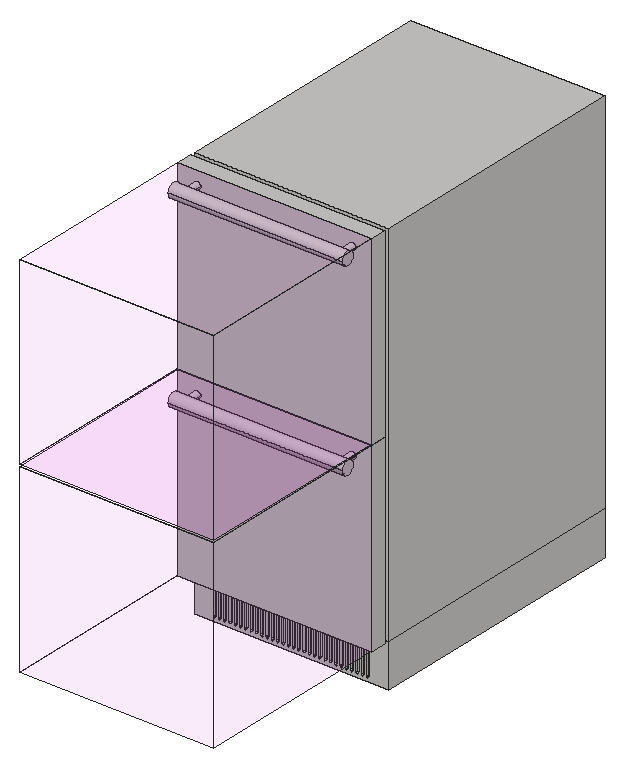
Revit family "QF_Summit_ADRD15_2_Drawer_All_Refrigerator", category Specialty Equipment, Revit 2020
Family settings
  Round Connector Dimension = Use Diameter
  Part Type = Normal
  Work Plane-Based = No
  Always vertical = Yes
  Cut with Voids When Loaded = No
  Shared = No
  Room Calculation Point = No
Parameters
  Weight in Pounds = 78
  Watts = Volts * FL Amps  # 115 W
  Volts = 115 V
  URL Cutsheet = ""
  Specification by User = ""
  Specification by Manufacturer = ""
  Show Clearance [instance] = yes
  Show 4" Legs [instance] = no
  Serial Number = ""
  Seismic Rating = ""
  SMACNA No = ""
  Revision Code = ""
  Refrigerant Volume = 0.00 kip
  Refrigerant Type = "R600a"
  Phase = 1
  Number of Poles = 1
  NAFEM Spec ID Number = ""
  Model = "ADRD15"
  Min Ckt Ampacity = 0 A
  Max Overcurrent Protection = 0 A
  Masterspec = ""
  Manufacturer = "Summit"
  Length = 15"
  Item Number = ""
  Installed By = ""
  Identify Quantity as Lot = yes
  Height [instance] = Body Height + Base Height  # 32"
  HP = ""
  Furnished By = ""
  Foodservice Equipment Identifier = yes
  FL Amps = 1 A
  Electrical Remarks = ""
  Electric Connection Type = ""
  Elec Conn RI Height = 0"
  Elec Conn Connection Height = 0"
  Description = "2 Drawer All Refrigerator"
  Depth = 22 1/2"
  Default Elevation = 0"
  Cycle = 60 Hz
  Conn Plug = ""
  Conn Conduit = yes
  CSI MasterFormat = ""
  Body Height [instance] = 32"
  Base Height [instance] = if([Show 4" Legs], 4", 0")  # 0"
  BTUH = 0.0 Btu/h
  Apparent Power = 0 VA
Reference planes (in)
  plane 1 "BACK": y = 0
  plane 2: z = 0
  plane 3 "LEFT": x = 0
  plane 4 "RIGHT": x = 15
  plane 5 "FRONT": y = -20.875
  plane 6 "TOP": z = 32
  plane 7 "Center Y": x = 7.5
  plane 8 "Center X": y = -10.4375
  plane 9: z = 0
Dimensions and locks (in)
  equal spacing: plane 3 "LEFT", plane 7 "Center Y", plane 4 "RIGHT"
  "Length": plane 3 "LEFT" to plane 4 "RIGHT"
  equal spacing: plane 5 "FRONT", plane 8 "Center X", plane 1 "BACK"
  plane 5 "FRONT" to plane 1 "BACK" = 20 7/8"
  plane 6 "TOP" to level = 32"
  "Base Height": plane 9 to level
  "Body Height": plane 6 "TOP" to plane 9
  plane 1 "BACK" to nested 1 = 22 1/2"
  aligned and locked: level to plane 2
  aligned and locked: nested 1 to plane 9
  aligned and locked: plane 6 "TOP" to nested 1
Nested families (in)
  nested 1: "ADRD15" at (0, 0, 0), Show Clearance <- "Show Clearance", type "ADRD15"
    with Show Clearance yes
  nested 2: "4 INCHES LEGS" at (1.25, -4, 0), Show 4" Legs <- "Show 4" Legs", type "4 INCHES LEGS"
    with Type Mark "", Status "", Specification by User "", Show 4" Legs no, Revision Code "", Item Number "", Installed By "", Identify Quantity as Lot yes, Furnished By "", Foodservice Equipment Identifier yes
  nested 3: "4 INCHES LEGS" at (13.75, -4, 0) x (-1, 0, 0) z (0, 0, 1), Show 4" Legs <- "Show 4" Legs", type "4 INCHES LEGS"
    with Type Mark "", Status "", Specification by User "", Show 4" Legs no, Revision Code "", Item Number "", Installed By "", Identify Quantity as Lot yes, Furnished By "", Foodservice Equipment Identifier yes
  nested 4: "4 INCHES LEGS" at (1.25, -16.875, 0), Show 4" Legs <- "Show 4" Legs", type "4 INCHES LEGS"
    with Type Mark "", Status "", Specification by User "", Show 4" Legs no, Revision Code "", Item Number "", Installed By "", Identify Quantity as Lot yes, Furnished By "", Foodservice Equipment Identifier yes
  nested 5: "4 INCHES LEGS" at (13.75, -16.875, 0) x (-1, 0, 0) z (0, 0, 1), Show 4" Legs <- "Show 4" Legs", type "4 INCHES LEGS"
    with Type Mark "", Status "", Specification by User "", Show 4" Legs no, Revision Code "", Item Number "", Installed By "", Identify Quantity as Lot yes, Furnished By "", Foodservice Equipment Identifier yes
Connectors (in)
  electrical at (12.48815, 0.03125, 4.75), driven by "Volts", driven by "Watts"
    settings: on nested 1, index 1, voltage 115 V, apparent load 115 VA, apparent load phase1 0 VA, apparent load phase2 0 VA, apparent load phase3 0 VA, power factor 1, load classification "Other", number of poles 1, system type 30, power factor state 1, is connector primary yes, connector utility no, sub classification motor no, connector description "ELECTRICAL CONNECTION"
Definition of nested family "ADRD15"
  Parameters (values of type "ADRD15")
    Weight in Pounds = 0
    URL Cutsheet = ""
    Specification by User = ""
    Specification by Manufacturer = ""
    Show Clearance [instance] = yes
    Serial Number = ""
    Seismic Rating = ""
    SMACNA No = ""
    Revision Code = ""
    NAFEM Spec ID Number = ""
    Masterspec = ""
    Length = 15"
    Item Number = ""
    Installed By = ""
    Identify Quantity as Lot = yes
    Height = 32"
    Furnished By = ""
    Foodservice Equipment Identifier = yes
    Depth = 20 7/8"
    Default Elevation = 0"
    CSI MasterFormat = ""
  Reference planes (in)
    plane 1 "BACK": y = 0
    plane 2: z = 0
    plane 3 "LEFT": x = 0
    plane 4 "RIGHT": x = 15
    plane 5 "FRONT": y = -20.875
    plane 6 "TOP": z = 32
    plane 7 "Center Y": x = 7.5
    plane 8 "Center X": y = -10.4375
    plane 9: y = -22.5
    plane 10: y = -21.25
    plane 11: y = -24.375
    plane 12: z = 3.375
    plane 13: y = -37.75
  Forms (in)
    Extrusion 1, solid
      sketch origin (0, 0, 0) x (1, 0, 0) y (0, 1, 0)
        loop
          line (0, 0) -> (0, -20.875) -> (15, -20.875) -> (15, 0) -> (0, 0)
      from 0 to 3.375
    Extrusion 2, solid
      sketch origin (-5.1413, -180, 3.375) x (-1, 0, 0) y (0, -1, 0)
        loop
          line (-5.1413, -180) -> (-5.1413, -159.125) -> (-20.1413, -159.125) -> (-20.1413, -180) -> (-5.1413, -180)
      from 0 to 28.625
    Extrusion 3, solid
      sketch origin (-5.1413, -180, 32) x (-1, 0, 0) y (0, -1, 0)
        loop
          line (-5.1413, -157.5) -> (-20.1413, -157.5) -> (-20.1413, -158.75) -> (-5.1413, -158.75) -> (-5.1413, -157.5)
      from 0 to -14.25
    Extrusion 4, solid
      sketch origin (-5.1413, -180, 3.375) x (0, 1, 0) y (1, 0, 0)
        loop
          line (157.5, 5.1413) -> (158.75, 5.1413) -> (158.75, 20.1413) -> (157.5, 20.1413) -> (157.5, 5.1413)
      from 0 to -14.25
    Extrusion 5, void
      sketch origin (15, -20.875, 0) x (1, 0, 0) y (0, 0, -1)
        loop
          line (-13.55625, -0.4375) -> (-13.55625, -2.9375)
          arc (-13.55625, -2.9375) -> (-13.43125, -3.0625) -> (-13.30625, -2.9375) r 0.125
          line (-13.30625, -2.9375) -> (-13.30625, -0.4375)
          arc (-13.30625, -0.4375) -> (-13.43125, -0.3125) -> (-13.55625, -0.4375) r 0.125
      from 0 to 0.11339
    Extrusion 6, void
      sketch origin (26.8625, -20.875, 0) x (1, 0, 0) y (0, 0, -1)
        loop
          line (-13.55625, -0.4375) -> (-13.55625, -2.9375)
          arc (-13.55625, -2.9375) -> (-13.43125, -3.0625) -> (-13.30625, -2.9375) r 0.125
          line (-13.30625, -2.9375) -> (-13.30625, -0.4375)
          arc (-13.30625, -0.4375) -> (-13.43125, -0.3125) -> (-13.55625, -0.4375) r 0.125
      from 0 to 0.11339
    Extrusion 7, void
      sketch origin (15.40905, -20.875, 0) x (1, 0, 0) y (0, 0, -1)
        loop
          line (-13.55625, -0.4375) -> (-13.55625, -2.9375)
          arc (-13.55625, -2.9375) -> (-13.43125, -3.0625) -> (-13.30625, -2.9375) r 0.125
          line (-13.30625, -2.9375) -> (-13.30625, -0.4375)
          arc (-13.30625, -0.4375) -> (-13.43125, -0.3125) -> (-13.55625, -0.4375) r 0.125
      from 0 to 0.11339
    Extrusion 8, void
      sketch origin (15.8181, -20.875, 0) x (1, 0, 0) y (0, 0, -1)
        loop
          line (-13.55625, -0.4375) -> (-13.55625, -2.9375)
          arc (-13.55625, -2.9375) -> (-13.43125, -3.0625) -> (-13.30625, -2.9375) r 0.125
          line (-13.30625, -2.9375) -> (-13.30625, -0.4375)
          arc (-13.30625, -0.4375) -> (-13.43125, -0.3125) -> (-13.55625, -0.4375) r 0.125
      from 0 to 0.11339
    Extrusion 9, void
      sketch origin (16.22715, -20.875, 0) x (1, 0, 0) y (0, 0, -1)
        loop
          line (-13.55625, -0.4375) -> (-13.55625, -2.9375)
          arc (-13.55625, -2.9375) -> (-13.43125, -3.0625) -> (-13.30625, -2.9375) r 0.125
          line (-13.30625, -2.9375) -> (-13.30625, -0.4375)
          arc (-13.30625, -0.4375) -> (-13.43125, -0.3125) -> (-13.55625, -0.4375) r 0.125
      from 0 to 0.11339
    Extrusion 10, void
      sketch origin (16.63621, -20.875, 0) x (1, 0, 0) y (0, 0, -1)
        loop
          line (-13.55625, -0.4375) -> (-13.55625, -2.9375)
          arc (-13.55625, -2.9375) -> (-13.43125, -3.0625) -> (-13.30625, -2.9375) r 0.125
          line (-13.30625, -2.9375) -> (-13.30625, -0.4375)
          arc (-13.30625, -0.4375) -> (-13.43125, -0.3125) -> (-13.55625, -0.4375) r 0.125
      from 0 to 0.11339
    Extrusion 11, void
      sketch origin (17.04526, -20.875, 0) x (1, 0, 0) y (0, 0, -1)
        loop
          line (-13.55625, -0.4375) -> (-13.55625, -2.9375)
          arc (-13.55625, -2.9375) -> (-13.43125, -3.0625) -> (-13.30625, -2.9375) r 0.125
          line (-13.30625, -2.9375) -> (-13.30625, -0.4375)
          arc (-13.30625, -0.4375) -> (-13.43125, -0.3125) -> (-13.55625, -0.4375) r 0.125
      from 0 to 0.11339
    Extrusion 12, void
      sketch origin (17.45431, -20.875, 0) x (1, 0, 0) y (0, 0, -1)
        loop
          line (-13.55625, -0.4375) -> (-13.55625, -2.9375)
          arc (-13.55625, -2.9375) -> (-13.43125, -3.0625) -> (-13.30625, -2.9375) r 0.125
          line (-13.30625, -2.9375) -> (-13.30625, -0.4375)
          arc (-13.30625, -0.4375) -> (-13.43125, -0.3125) -> (-13.55625, -0.4375) r 0.125
      from 0 to 0.11339
    Extrusion 13, void
      sketch origin (17.86336, -20.875, 0) x (1, 0, 0) y (0, 0, -1)
        loop
          line (-13.55625, -0.4375) -> (-13.55625, -2.9375)
          arc (-13.55625, -2.9375) -> (-13.43125, -3.0625) -> (-13.30625, -2.9375) r 0.125
          line (-13.30625, -2.9375) -> (-13.30625, -0.4375)
          arc (-13.30625, -0.4375) -> (-13.43125, -0.3125) -> (-13.55625, -0.4375) r 0.125
      from 0 to 0.11339
    Extrusion 14, void
      sketch origin (18.27241, -20.875, 0) x (1, 0, 0) y (0, 0, -1)
        loop
          line (-13.55625, -0.4375) -> (-13.55625, -2.9375)
          arc (-13.55625, -2.9375) -> (-13.43125, -3.0625) -> (-13.30625, -2.9375) r 0.125
          line (-13.30625, -2.9375) -> (-13.30625, -0.4375)
          arc (-13.30625, -0.4375) -> (-13.43125, -0.3125) -> (-13.55625, -0.4375) r 0.125
      from 0 to 0.11339
    Extrusion 15, void
      sketch origin (18.68146, -20.875, 0) x (1, 0, 0) y (0, 0, -1)
        loop
          line (-13.55625, -0.4375) -> (-13.55625, -2.9375)
          arc (-13.55625, -2.9375) -> (-13.43125, -3.0625) -> (-13.30625, -2.9375) r 0.125
          line (-13.30625, -2.9375) -> (-13.30625, -0.4375)
          arc (-13.30625, -0.4375) -> (-13.43125, -0.3125) -> (-13.55625, -0.4375) r 0.125
      from 0 to 0.11339
    Extrusion 16, void
      sketch origin (19.09052, -20.875, 0) x (1, 0, 0) y (0, 0, -1)
        loop
          line (-13.55625, -0.4375) -> (-13.55625, -2.9375)
          arc (-13.55625, -2.9375) -> (-13.43125, -3.0625) -> (-13.30625, -2.9375) r 0.125
          line (-13.30625, -2.9375) -> (-13.30625, -0.4375)
          arc (-13.30625, -0.4375) -> (-13.43125, -0.3125) -> (-13.55625, -0.4375) r 0.125
      from 0 to 0.11339
    Extrusion 17, void
      sketch origin (19.49957, -20.875, 0) x (1, 0, 0) y (0, 0, -1)
        loop
          line (-13.55625, -0.4375) -> (-13.55625, -2.9375)
          arc (-13.55625, -2.9375) -> (-13.43125, -3.0625) -> (-13.30625, -2.9375) r 0.125
          line (-13.30625, -2.9375) -> (-13.30625, -0.4375)
          arc (-13.30625, -0.4375) -> (-13.43125, -0.3125) -> (-13.55625, -0.4375) r 0.125
      from 0 to 0.11339
    Extrusion 18, void
      sketch origin (19.90862, -20.875, 0) x (1, 0, 0) y (0, 0, -1)
        loop
          line (-13.55625, -0.4375) -> (-13.55625, -2.9375)
          arc (-13.55625, -2.9375) -> (-13.43125, -3.0625) -> (-13.30625, -2.9375) r 0.125
          line (-13.30625, -2.9375) -> (-13.30625, -0.4375)
          arc (-13.30625, -0.4375) -> (-13.43125, -0.3125) -> (-13.55625, -0.4375) r 0.125
      from 0 to 0.11339
    Extrusion 19, void
      sketch origin (20.31767, -20.875, 0) x (1, 0, 0) y (0, 0, -1)
        loop
          line (-13.55625, -0.4375) -> (-13.55625, -2.9375)
          arc (-13.55625, -2.9375) -> (-13.43125, -3.0625) -> (-13.30625, -2.9375) r 0.125
          line (-13.30625, -2.9375) -> (-13.30625, -0.4375)
          arc (-13.30625, -0.4375) -> (-13.43125, -0.3125) -> (-13.55625, -0.4375) r 0.125
      from 0 to 0.11339
    Extrusion 20, void
      sketch origin (20.72672, -20.875, 0) x (1, 0, 0) y (0, 0, -1)
        loop
          line (-13.55625, -0.4375) -> (-13.55625, -2.9375)
          arc (-13.55625, -2.9375) -> (-13.43125, -3.0625) -> (-13.30625, -2.9375) r 0.125
          line (-13.30625, -2.9375) -> (-13.30625, -0.4375)
          arc (-13.30625, -0.4375) -> (-13.43125, -0.3125) -> (-13.55625, -0.4375) r 0.125
      from 0 to 0.11339
    Extrusion 21, void
      sketch origin (21.13577, -20.875, 0) x (1, 0, 0) y (0, 0, -1)
        loop
          line (-13.55625, -0.4375) -> (-13.55625, -2.9375)
          arc (-13.55625, -2.9375) -> (-13.43125, -3.0625) -> (-13.30625, -2.9375) r 0.125
          line (-13.30625, -2.9375) -> (-13.30625, -0.4375)
          arc (-13.30625, -0.4375) -> (-13.43125, -0.3125) -> (-13.55625, -0.4375) r 0.125
      from 0 to 0.11339
    Extrusion 22, void
      sketch origin (21.54483, -20.875, 0) x (1, 0, 0) y (0, 0, -1)
        loop
          line (-13.55625, -0.4375) -> (-13.55625, -2.9375)
          arc (-13.55625, -2.9375) -> (-13.43125, -3.0625) -> (-13.30625, -2.9375) r 0.125
          line (-13.30625, -2.9375) -> (-13.30625, -0.4375)
          arc (-13.30625, -0.4375) -> (-13.43125, -0.3125) -> (-13.55625, -0.4375) r 0.125
      from 0 to 0.11339
    Extrusion 23, void
      sketch origin (21.95388, -20.875, 0) x (1, 0, 0) y (0, 0, -1)
        loop
          line (-13.55625, -0.4375) -> (-13.55625, -2.9375)
          arc (-13.55625, -2.9375) -> (-13.43125, -3.0625) -> (-13.30625, -2.9375) r 0.125
          line (-13.30625, -2.9375) -> (-13.30625, -0.4375)
          arc (-13.30625, -0.4375) -> (-13.43125, -0.3125) -> (-13.55625, -0.4375) r 0.125
      from 0 to 0.11339
    Extrusion 24, void
      sketch origin (22.36293, -20.875, 0) x (1, 0, 0) y (0, 0, -1)
        loop
          line (-13.55625, -0.4375) -> (-13.55625, -2.9375)
          arc (-13.55625, -2.9375) -> (-13.43125, -3.0625) -> (-13.30625, -2.9375) r 0.125
          line (-13.30625, -2.9375) -> (-13.30625, -0.4375)
          arc (-13.30625, -0.4375) -> (-13.43125, -0.3125) -> (-13.55625, -0.4375) r 0.125
      from 0 to 0.11339
    Extrusion 25, void
      sketch origin (22.77198, -20.875, 0) x (1, 0, 0) y (0, 0, -1)
        loop
          line (-13.55625, -0.4375) -> (-13.55625, -2.9375)
          arc (-13.55625, -2.9375) -> (-13.43125, -3.0625) -> (-13.30625, -2.9375) r 0.125
          line (-13.30625, -2.9375) -> (-13.30625, -0.4375)
          arc (-13.30625, -0.4375) -> (-13.43125, -0.3125) -> (-13.55625, -0.4375) r 0.125
      from 0 to 0.11339
    Extrusion 26, void
      sketch origin (23.18103, -20.875, 0) x (1, 0, 0) y (0, 0, -1)
        loop
          line (-13.55625, -0.4375) -> (-13.55625, -2.9375)
          arc (-13.55625, -2.9375) -> (-13.43125, -3.0625) -> (-13.30625, -2.9375) r 0.125
          line (-13.30625, -2.9375) -> (-13.30625, -0.4375)
          arc (-13.30625, -0.4375) -> (-13.43125, -0.3125) -> (-13.55625, -0.4375) r 0.125
      from 0 to 0.11339
    Extrusion 27, void
      sketch origin (23.59008, -20.875, 0) x (1, 0, 0) y (0, 0, -1)
        loop
          line (-13.55625, -0.4375) -> (-13.55625, -2.9375)
          arc (-13.55625, -2.9375) -> (-13.43125, -3.0625) -> (-13.30625, -2.9375) r 0.125
          line (-13.30625, -2.9375) -> (-13.30625, -0.4375)
          arc (-13.30625, -0.4375) -> (-13.43125, -0.3125) -> (-13.55625, -0.4375) r 0.125
      from 0 to 0.11339
    Extrusion 28, void
      sketch origin (23.99914, -20.875, 0) x (1, 0, 0) y (0, 0, -1)
        loop
          line (-13.55625, -0.4375) -> (-13.55625, -2.9375)
          arc (-13.55625, -2.9375) -> (-13.43125, -3.0625) -> (-13.30625, -2.9375) r 0.125
          line (-13.30625, -2.9375) -> (-13.30625, -0.4375)
          arc (-13.30625, -0.4375) -> (-13.43125, -0.3125) -> (-13.55625, -0.4375) r 0.125
      from 0 to 0.11339
    Extrusion 29, void
      sketch origin (24.40819, -20.875, 0) x (1, 0, 0) y (0, 0, -1)
        loop
          line (-13.55625, -0.4375) -> (-13.55625, -2.9375)
          arc (-13.55625, -2.9375) -> (-13.43125, -3.0625) -> (-13.30625, -2.9375) r 0.125
          line (-13.30625, -2.9375) -> (-13.30625, -0.4375)
          arc (-13.30625, -0.4375) -> (-13.43125, -0.3125) -> (-13.55625, -0.4375) r 0.125
      from 0 to 0.11339
    Extrusion 30, void
      sketch origin (24.81724, -20.875, 0) x (1, 0, 0) y (0, 0, -1)
        loop
          line (-13.55625, -0.4375) -> (-13.55625, -2.9375)
          arc (-13.55625, -2.9375) -> (-13.43125, -3.0625) -> (-13.30625, -2.9375) r 0.125
          line (-13.30625, -2.9375) -> (-13.30625, -0.4375)
          arc (-13.30625, -0.4375) -> (-13.43125, -0.3125) -> (-13.55625, -0.4375) r 0.125
      from 0 to 0.11339
    Extrusion 31, void
      sketch origin (25.22629, -20.875, 0) x (1, 0, 0) y (0, 0, -1)
        loop
          line (-13.55625, -0.4375) -> (-13.55625, -2.9375)
          arc (-13.55625, -2.9375) -> (-13.43125, -3.0625) -> (-13.30625, -2.9375) r 0.125
          line (-13.30625, -2.9375) -> (-13.30625, -0.4375)
          arc (-13.30625, -0.4375) -> (-13.43125, -0.3125) -> (-13.55625, -0.4375) r 0.125
      from 0 to 0.11339
    Extrusion 32, void
      sketch origin (25.63534, -20.875, 0) x (1, 0, 0) y (0, 0, -1)
        loop
          line (-13.55625, -0.4375) -> (-13.55625, -2.9375)
          arc (-13.55625, -2.9375) -> (-13.43125, -3.0625) -> (-13.30625, -2.9375) r 0.125
          line (-13.30625, -2.9375) -> (-13.30625, -0.4375)
          arc (-13.30625, -0.4375) -> (-13.43125, -0.3125) -> (-13.55625, -0.4375) r 0.125
      from 0 to 0.11339
    Extrusion 33, void
      sketch origin (26.04439, -20.875, 0) x (1, 0, 0) y (0, 0, -1)
        loop
          line (-13.55625, -0.4375) -> (-13.55625, -2.9375)
          arc (-13.55625, -2.9375) -> (-13.43125, -3.0625) -> (-13.30625, -2.9375) r 0.125
          line (-13.30625, -2.9375) -> (-13.30625, -0.4375)
          arc (-13.30625, -0.4375) -> (-13.43125, -0.3125) -> (-13.55625, -0.4375) r 0.125
      from 0 to 0.11339
    Extrusion 34, void
      sketch origin (26.45345, -20.875, 0) x (1, 0, 0) y (0, 0, -1)
        loop
          line (-13.55625, -0.4375) -> (-13.55625, -2.9375)
          arc (-13.55625, -2.9375) -> (-13.43125, -3.0625) -> (-13.30625, -2.9375) r 0.125
          line (-13.30625, -2.9375) -> (-13.30625, -0.4375)
          arc (-13.30625, -0.4375) -> (-13.43125, -0.3125) -> (-13.55625, -0.4375) r 0.125
      from 0 to 0.11339
    Extrusion 35, solid
      sketch origin (0, -22.5, 32) x (1, 0, 0) y (0, 0, 1)
        loop
          circle (1.5, -1.04449) r 0.25
        loop
          circle (13.5, -1.04449) r 0.25
        loop
          circle (1.5, -15.54449) r 0.25
        loop
          circle (13.5, -15.54449) r 0.25
      from 0 to 1.40813
    Extrusion 36, solid
      sketch origin (0, 0, 0) x (0, 1, 0) y (0, 0, 1)
        loop
          circle (-23.875, 30.98244) r 0.5
      from 0.75 to 14.25
    Extrusion 37, solid
      sketch origin (0, 0, -14.5) x (0, 1, 0) y (0, 0, 1)
        loop
          circle (-23.875, 30.98244) r 0.5
      from 0.75 to 14.25
    Extrusion 38, solid, visible <- "Show Clearance"
      sketch origin (-5.1413, -180, 3.375) x (-1, 0, 0) y (0, 1, 0)
        loop
          line (-5.1413, 157.5) -> (-20.1413, 157.5) -> (-20.1413, 142.25) -> (-5.1413, 142.25) -> (-5.1413, 157.5)
      from 0 to -14.25
    Extrusion 39, solid, visible <- "Show Clearance"
      sketch origin (-5.1413, -180, 17.75) x (0, -1, 0) y (-1, 0, 0)
        loop
          line (-157.5, -5.1413) -> (-157.5, -20.1413) -> (-142.25, -20.1413) -> (-142.25, -5.1413) -> (-157.5, -5.1413)
      from 0 to -14.25
    Extrusion 40, solid
      sketch origin (0, 0, 0) x (1, 0, 0) y (0, 1, 0)
        loop
          line (0.5, -20.875) -> (0.5, -21.25) -> (14.5, -21.25) -> (14.5, -20.875) -> (0.5, -20.875)
      from 3.375 to 31.76614
    Extrusion 41, solid
      sketch origin (0, 0, 3.375) x (1, 0, 0) y (0, 0, -1)
        loop
          circle (12.48815, -1.375) r 0.25
      from 0 to 0.03125
  Cuts and joins
    Extrusion 5, Extrusion 6, Extrusion 7, Extrusion 8, Extrusion 9, Extrusion 10, Extrusion 11, Extrusion 12, Extrusion 13, Extrusion 14, Extrusion 15, Extrusion 16, Extrusion 17, Extrusion 18, Extrusion 19, Extrusion 20, Extrusion 21, Extrusion 22, Extrusion 23, Extrusion 24, Extrusion 25, Extrusion 26, Extrusion 27, Extrusion 28, Extrusion 29, Extrusion 30, Extrusion 31, Extrusion 32, Extrusion 33, Extrusion 34 cuts Extrusion 1
    joined: Extrusion 35, Extrusion 36, Extrusion 37
    joined: Extrusion 2, Extrusion 41
  Lines and regions (in)
    symbolic lines, visible <- "Show Clearance"
      curve 1: line (0, -22.5, 0) -> (0, -37.75, 0)
      curve 2: line (0, -37.75, 0) -> (15, -37.75, 0)
      curve 3: line (15, -37.75, 0) -> (15, -22.5, 0)
    symbolic lines
      curve 4: line (0, 0, 0) -> (0, -20.875, 0)
      curve 5: line (15, -20.875, 0) -> (15, 0, 0)
      curve 6: line (0, -20.875, 0) -> (15, -20.875, 0)
      curve 7: line (15, 0, 0) -> (0, 0, 0)
      curve 8: line (15, -21.25, 0) -> (0, -21.25, 0)
      curve 9: line (0.5, -20.875, 0) -> (0.5, -21.25, 0)
      curve 10: line (14.5, -21.25, 0) -> (14.5, -20.875, 0)
      curve 11: line (15, -22.5, 0) -> (15, -21.25, 0)
      curve 12: line (15, -22.5, 0) -> (0, -22.5, 0)
      curve 13: line (0, -21.25, 0) -> (0, -22.5, 0)
      curve 14: line (0.75, -23.375, 0) -> (0.75, -24.375, 0)
      curve 15: line (14.25, -23.37573, 0) -> (14.25, -24.375, 0)
      curve 16: line (14.25, -24.375, 0) -> (0.75, -24.375, 0)
      curve 17: line (13.75, -23.37573, 0) -> (14.25, -23.37573, 0)
      curve 18: line (1.25, -23.37573, 0) -> (1.75, -23.37573, 0)
      curve 19: line (13.25, -23.37573, 0) -> (13.75, -23.37573, 0)
      curve 20: line (1.75, -23.37573, 0) -> (1.75, -22.5, 0)
      curve 21: line (1.75, -23.37573, 0) -> (13.25, -23.37573, 0)
      curve 22: line (13.25, -23.37573, 0) -> (13.25, -22.5, 0)
      curve 23: line (13.75, -23.37573, 0) -> (13.75, -22.5, 0)
      curve 24: line (1.25, -23.37573, 0) -> (1.25, -22.5, 0)
      curve 25: line (0.75, -23.375, 0) -> (1.25, -23.375, 0)
  Dimensions and locks (in)
    equal spacing: plane 3 "LEFT", plane 7 "Center Y", plane 4 "RIGHT"
    "Length": plane 3 "LEFT" to plane 4 "RIGHT"
    equal spacing: plane 5 "FRONT", plane 8 "Center X", plane 1 "BACK"
    "Depth": plane 5 "FRONT" to plane 1 "BACK"
    "Height": plane 6 "TOP" to level
    plane 1 "BACK" to plane 9 = 22 1/2"
    plane 9 to plane 11 = 1 7/8"
    equal spacing: group 1, group 3, group 4, group 5, group 6, group 7, group 8, group 9, group 10, group 11, group 12, group 13, group 14, group 15, group 16, group 17, group 18, group 19, group 20, group 21, group 22, group 23, group 24, group 25, group 26, group 27, group 28, group 29, group 30, group 2  (x3)
    plane 1 "BACK" to plane 13 = 37 3/4"
    aligned and locked: level to plane 2
  Automatic sketch dimensions
    Extrusion 5 sketch curve to Extrusion 5 sketch curve = 1/8"
    Extrusion 5 sketch curve to Extrusion 5 sketch curve = 2 1/2"
    Extrusion 6 sketch curve to Extrusion 6 sketch curve = 1/8"
    Extrusion 6 sketch curve to Extrusion 6 sketch curve = 2 1/2"
    Extrusion 7 sketch curve to Extrusion 7 sketch curve = 1/8"
    Extrusion 7 sketch curve to Extrusion 7 sketch curve = 2 1/2"
    Extrusion 8 sketch curve to Extrusion 8 sketch curve = 1/8"
    Extrusion 8 sketch curve to Extrusion 8 sketch curve = 2 1/2"
    Extrusion 9 sketch curve to Extrusion 9 sketch curve = 1/8"
    Extrusion 9 sketch curve to Extrusion 9 sketch curve = 2 1/2"
    Extrusion 10 sketch curve to Extrusion 10 sketch curve = 1/8"
    Extrusion 10 sketch curve to Extrusion 10 sketch curve = 2 1/2"
    Extrusion 11 sketch curve to Extrusion 11 sketch curve = 1/8"
    Extrusion 11 sketch curve to Extrusion 11 sketch curve = 2 1/2"
    Extrusion 12 sketch curve to Extrusion 12 sketch curve = 1/8"
    Extrusion 12 sketch curve to Extrusion 12 sketch curve = 2 1/2"
    Extrusion 13 sketch curve to Extrusion 13 sketch curve = 1/8"
    Extrusion 13 sketch curve to Extrusion 13 sketch curve = 2 1/2"
    Extrusion 14 sketch curve to Extrusion 14 sketch curve = 1/8"
    Extrusion 14 sketch curve to Extrusion 14 sketch curve = 2 1/2"
    Extrusion 15 sketch curve to Extrusion 15 sketch curve = 1/8"
    Extrusion 15 sketch curve to Extrusion 15 sketch curve = 2 1/2"
    Extrusion 16 sketch curve to Extrusion 16 sketch curve = 1/8"
    Extrusion 16 sketch curve to Extrusion 16 sketch curve = 2 1/2"
    Extrusion 17 sketch curve to Extrusion 17 sketch curve = 1/8"
    Extrusion 17 sketch curve to Extrusion 17 sketch curve = 2 1/2"
    Extrusion 18 sketch curve to Extrusion 18 sketch curve = 1/8"
    Extrusion 18 sketch curve to Extrusion 18 sketch curve = 2 1/2"
    Extrusion 19 sketch curve to Extrusion 19 sketch curve = 1/8"
    Extrusion 19 sketch curve to Extrusion 19 sketch curve = 2 1/2"
    Extrusion 20 sketch curve to Extrusion 20 sketch curve = 1/8"
    Extrusion 20 sketch curve to Extrusion 20 sketch curve = 2 1/2"
    Extrusion 21 sketch curve to Extrusion 21 sketch curve = 1/8"
    Extrusion 21 sketch curve to Extrusion 21 sketch curve = 2 1/2"
    Extrusion 22 sketch curve to Extrusion 22 sketch curve = 1/8"
    Extrusion 22 sketch curve to Extrusion 22 sketch curve = 2 1/2"
    Extrusion 23 sketch curve to Extrusion 23 sketch curve = 1/8"
    Extrusion 23 sketch curve to Extrusion 23 sketch curve = 2 1/2"
    Extrusion 24 sketch curve to Extrusion 24 sketch curve = 1/8"
    Extrusion 24 sketch curve to Extrusion 24 sketch curve = 2 1/2"
    Extrusion 25 sketch curve to Extrusion 25 sketch curve = 1/8"
    Extrusion 25 sketch curve to Extrusion 25 sketch curve = 2 1/2"
    Extrusion 26 sketch curve to Extrusion 26 sketch curve = 1/8"
    Extrusion 26 sketch curve to Extrusion 26 sketch curve = 2 1/2"
    Extrusion 27 sketch curve to Extrusion 27 sketch curve = 1/8"
    Extrusion 27 sketch curve to Extrusion 27 sketch curve = 2 1/2"
    Extrusion 28 sketch curve to Extrusion 28 sketch curve = 1/8"
    Extrusion 28 sketch curve to Extrusion 28 sketch curve = 2 1/2"
    Extrusion 29 sketch curve to Extrusion 29 sketch curve = 1/8"
    Extrusion 29 sketch curve to Extrusion 29 sketch curve = 2 1/2"
    Extrusion 30 sketch curve to Extrusion 30 sketch curve = 1/8"
    Extrusion 30 sketch curve to Extrusion 30 sketch curve = 2 1/2"
    Extrusion 31 sketch curve to Extrusion 31 sketch curve = 1/8"
    Extrusion 31 sketch curve to Extrusion 31 sketch curve = 2 1/2"
    Extrusion 32 sketch curve to Extrusion 32 sketch curve = 1/8"
    Extrusion 32 sketch curve to Extrusion 32 sketch curve = 2 1/2"
    Extrusion 33 sketch curve to Extrusion 33 sketch curve = 1/8"
    Extrusion 33 sketch curve to Extrusion 33 sketch curve = 2 1/2"
    Extrusion 34 sketch curve to Extrusion 34 sketch curve = 1/8"
    Extrusion 34 sketch curve to Extrusion 34 sketch curve = 2 1/2"
    Extrusion 1 sketch curve to plane 3 "LEFT" = 0"
    Extrusion 1 sketch curve to plane 4 "RIGHT" = 0"
    plane 5 "FRONT" to Extrusion 1 sketch curve = 0"
    plane 1 "BACK" to Extrusion 1 sketch curve = 0"
    plane 1 "BACK" to Extrusion 2 sketch curve = 0"
    Extrusion 2 sketch curve to plane 4 "RIGHT" = 0"
    Extrusion 2 sketch curve to plane 3 "LEFT" = 0"
    plane 5 "FRONT" to Extrusion 2 sketch curve = 0"
    Extrusion 3 sketch curve to Extrusion 2 = 0"  (x2)
    Extrusion 2 to Extrusion 3 sketch curve = 3/8"
    Extrusion 3 sketch curve to Extrusion 3 sketch curve = 1 1/4"
    Extrusion 4 sketch curve to plane 4 "RIGHT" = 0"
    Extrusion 4 sketch curve to plane 9 = 0"
    Extrusion 4 sketch curve to plane 3 "LEFT" = 0"
    Extrusion 4 sketch curve to plane 10 = 0"
    Extrusion 3 to Extrusion 35 sketch curve = 1 1/2"  (x4)
    Extrusion 35 sketch curve to Extrusion 3 = 1.29449"  (x2)
    Extrusion 3 to Extrusion 35 sketch curve = 1.04449"  (x2)
    plane 11 to Extrusion 36 sketch curve = 1/2"
    Extrusion 36 sketch curve to plane 6 "TOP" = 1.01756"
    plane 11 to Extrusion 37 sketch curve = 1/2"
    plane 12 to Extrusion 37 sketch curve = 13.10744"
    Extrusion 38 sketch curve to Extrusion 4 = 0"  (x3)
    Extrusion 38 sketch curve to Extrusion 4 = 15 1/4"
    Extrusion 39 sketch curve to Extrusion 3 = 0"  (x3)
    Extrusion 39 sketch curve to Extrusion 3 = 15 1/4"
    plane 4 "RIGHT" to Extrusion 40 sketch curve = 1/2"
    Extrusion 40 sketch curve to plane 10 = 0"
    plane 5 "FRONT" to Extrusion 40 sketch curve = 0"
    plane 3 "LEFT" to Extrusion 40 sketch curve = 1/2"
    Extrusion 41 sketch curve to Extrusion 2 = 2.51185"
    Extrusion 2 to Extrusion 41 sketch curve = 1 3/8"
    curve 1 to plane 3 "LEFT" = 0"
    plane 1 "BACK" to curve 4 = 0"
    curve 4 to plane 3 "LEFT" = 0"
    curve 9 to plane 10 = 0"
    plane 5 "FRONT" to curve 9 = 0"
    curve 16 to plane 11 = 0"
    curve 24 to plane 9 = 0"
    curve 12 to plane 4 "RIGHT" = 0"
    curve 5 to plane 4 "RIGHT" = 0"
    curve 1 to plane 13 = 0"
    plane 3 "LEFT" to curve 16 = 3/4"
    curve 14 to curve 18 = 1/2"
    curve 18 to curve 18 = 1/2"
    plane 4 "RIGHT" to curve 21 = 1 3/4"
    curve 19 to curve 23 = 1/2"
    curve 17 to curve 17 = 1/2"
    curve 15 to plane 9 = 0.87573"
    plane 3 "LEFT" to curve 9 = 1/2"
    curve 25 to curve 18 = 0"
    plane 4 "RIGHT" to curve 10 = 1/2"
    curve 18 to curve 25 = 0.00073"
    radius of Extrusion 35 sketch curve = 1/4"  (x4)
    radius of Extrusion 36 sketch curve = 1/2"
    radius of Extrusion 37 sketch curve = 1/2"
    radius of Extrusion 41 sketch curve = 1/4"
Definition of nested family "4 INCHES LEGS"
  Parameters (values of type "4 INCHES LEGS")
    Weight = ""
    URL Manufacturer = ""
    URL Cutsheet = ""
    URL = ""
    Type Mark [instance] = ""
    Status [instance] = ""
    Specification by User [instance] = ""
    Specification by Manufacturer = ""
    Show 4" Legs [instance] = yes
    Serial Number = ""
    Seismic Rating = ""
    SMACNA No = ""
    Revision Code [instance] = ""
    Omniclass Number and Title = ""
    NAFEM Spec ID Number = ""
    Model = ""
    MasterSpec. = ""
    Manufacturer = ""
    Item Number [instance] = ""
    Installed By [instance] = ""
    Identify Quantity as Lot [instance] = yes
    Furnished By [instance] = ""
    Foodservice Equipment Identifier [instance] = yes
    Description = ""
    Default Elevation = 0"
    CSI MasterFormat = ""
    CSI Master Format = ""
    Assembly Code = ""
  Reference planes (in)
    plane 1: z = 0
    plane 2 "RIGHT": x = 0
    plane 3 "FRONT": y = 0
    plane 4 "TOP": z = 4
  Forms (in)
    Revolve 1, solid, visible <- "Show 4" Legs"
      sketch origin (11.12172, 0, 0) x (-1, 0, 0) y (0, 0, -1)
        loop
          line (11.12172, -4) -> (11.12172, 0) -> (10.62172, 0) -> (10.62172, -1.30261) -> (10.37172, -1.30261) -> (10.37172, -4) -> (11.12172, -4)
        axis (11.12172, 0) -> (11.12172, -4)
      angle from 0 to 360
  Dimensions and locks (in)
    plane 4 "TOP" to level = 4"  (x2)
    locked: Revolve 1 sketch curve to Revolve 1 sketch curve at 1.30261
    locked: Revolve 1 sketch curve to Revolve 1 sketch curve at 0.75
    aligned and locked: level to plane 1
